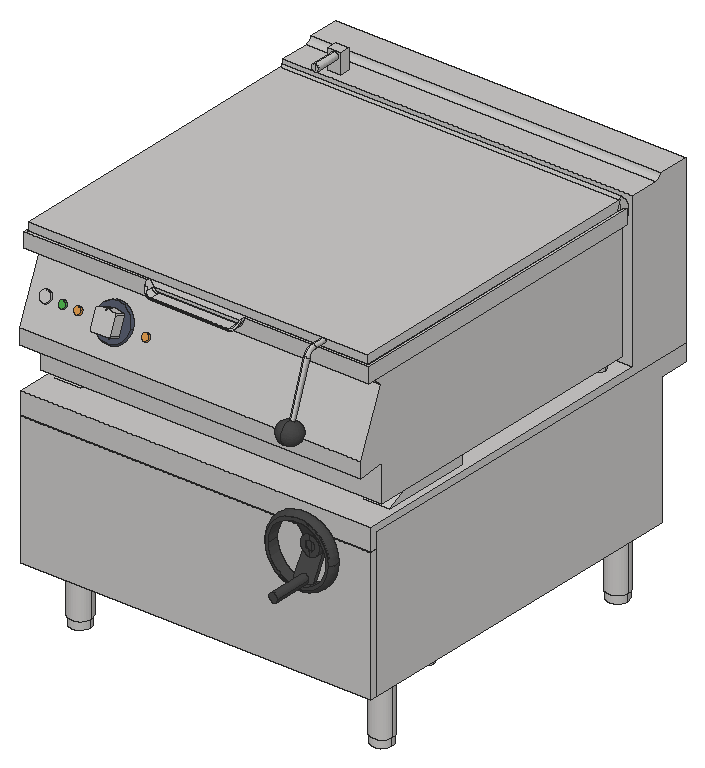
Revit family "QF_ZANUSSI_392136_Z9BRGHDOF0", category Specialty Equipment, Revit 2018
Family settings
  Round Connector Dimension = Use Diameter
  Part Type = Normal
  Work Plane-Based = No
  Always vertical = Yes
  Cut with Voids When Loaded = No
  Shared = No
  Room Calculation Point = No
Parameters
  Width = 800 mm  # constant formula
  Weight in Pounds = 150  # constant formula
  Weight = 0.00 kg
  Watts = 250 VA  # 250 W
  Volts = 230 V  # constant formula
  URL Manufacturer = "http://www.zanussiprofessional.com"
  URL Cutsheet = "www.electrolux.com"
  URL = "http://www.zanussiprofessional.com"
  Type Mark [instance] = ""
  Steam Supply Size = 0"
  Steam Supply Minimum Pressure = 0.00 psi
  Steam Supply Maximum Pressure = 0.00 psi
  Steam Pounds per Hour = 0
  Status [instance] = ""
  Specification by User [instance] = ""
  Specification by Manufacturer = ""
  Show Logo [instance] = yes
  Show Clearance [instance] = yes
  Serial Number = ""
  Seismic Rating = ""
  SMACNA No = ""
  Revision Code [instance] = ""
  Refrigeration Suction Line Size = 0"
  Refrigeration Liquid Line Size = 0"
  Refrigerant Compressor Remote = yes
  Plumbing Remarks [instance] = ""
  Plumbing Connection Type [instance] = ""
  Phase = 1
  Omniclass Number and Title = ""
  Number of Poles [instance] = 1
  NAFEM Spec ID Number = ""
  Model = "Z9BRGHDOF0"
  Min Ckt Ampacity = 0 A
  Mechanical Remarks [instance] = ""
  Mechanical Connection Type [instance] = ""
  Max Overcurrent Protection = 0 A
  Masterspec = ""
  Manufacturer = "Zanussi"
  Length Actual = 800 mm  # constant formula
  Item Number [instance] = "392136"
  Installed By [instance] = ""
  Identify Quantity as Lot [instance] = yes
  Hot Water Size = 0"
  Height Actual = 850 mm  # constant formula
  Height = 850 mm  # constant formula
  HP = "0.1 HP"
  Gas Size = 12.7 mm  # 1/2"
  Gas RI Height [instance] = 0 mm
  Gas KW = 21  # constant formula
  Gas Input = 20980.7 VA  # 71589.0 Btu/h
  Gas Connection Height [instance] = 0 mm
  Furnished By [instance] = ""
  Foodservice Equipment Identifier [instance] = yes
  FL Amps = if(Phase = 3, Watts / (Volts * 1.73), Watts / Volts)  # 1.08696 A
  Electrical Remarks [instance] = "230 V/1N ph/50/60 Hz"  # constant formula
  Electric Connection Type [instance] = ""
  Elec Conn RI Height [instance] = 0 mm
  Elec Conn Connection Height [instance] = 0 mm
  Direct Waste Size = 0"
  Description = "80LT GAS BRAISING PAN-DUOMAT BOTTOM"
  Depth Actual = 900 mm  # constant formula
  Depth = 915 mm  # constant formula
  Cycle [instance] = if([60 Hertz Option], 60 Hz, 50 Hz)  # 60 Hz
  Conn Plug = ""
  Conn Conduit = yes
  Condensate Return Size = 0"
  Compressed Air Volume = 0 GPM
  Compressed Air Size = 0"
  Compressed Air Pressure = 0.00 psi
  Cold Water Temperature Recommended [instance] = -459.67 °F
  Cold Water Size = 3/4"
  Cold Water RI Height [instance] = 0 mm
  Cold Water Minimum Pressure = 0.00 psi
  Cold Water Maximum Pressure = 0.00 psi
  Cold Water Flow [instance] = 0 GPM
  Cold Water Consumption = ""
  Cold Water Connection Height = 0 mm
  CSI MasterFormat = ""
  CSI Master Format = ""
  Assembly Code = ""
  Apparent Power = if(Phase = 3, Volts * FL Amps * 1.73, Volts * FL Amps)  # 250 VA
  Accessory = yes
  60 Hertz Option [instance] = not([50 Hertz Option])  # yes
  50 Hertz Option [instance] = no
Reference planes
  plane 1 "BACK": y = 0
  plane 2: z = 0
  plane 3 "LEFT": x = 0
  plane 4 "RIGHT": x = 800
  plane 5 "FRONT": y = -915
  plane 6 "TOP": z = 898
  plane 7 "Center Y": x = 400
  plane 8 "Center X": y = -457.5
  plane 9 "Base": z = 149
  plane 10: z = 502.193
  plane 11: z = 1653
  plane 12: y = -125
  plane 13: y = -799
  plane 14: y = -1034
  plane 15: x = 55
  plane 16: y = -160.853
  plane 17: x = 745
  plane 18: y = -1014
  plane 19: y = -899.182
  plane 20: x = 786
  plane 21: z = 850
  plane 22 "Connection": z = 182
  plane 23: y = -706
  plane 24: x = 265
  plane 25: x = 105
  plane 26: x = 195
Forms (mm)
  Revolve 1, solid, material "QF_Finishes_Stainless Steel"
    sketch origin (0, -125, 0) x (1, 0, 0) y (0, 0, 1)
      loop
        line (55, 0) -> (55, 149) -> (29.6, 149) -> (29.6, 19.05) -> (32.1, 19.05) -> (32.1, 0) -> (55, 0)
      axis (55, 0) -> (55, 149)
    angle from 0 to 360
  Revolve 2, solid, material "QF_Finishes_Stainless Steel"
    sketch origin (0, -799, 0) x (1, 0, 0) y (0, 0, 1)
      loop
        line (55, 0) -> (55, 149) -> (29.6, 149) -> (29.6, 19.05) -> (32.1, 19.05) -> (32.1, 0) -> (55, 0)
      axis (55, 0) -> (55, 149)
    angle from 0 to 360
  Extrusion 3, solid, material "QF_Finishes_Stainless Steel"
    sketch origin (0, -214.682, 0) x (0, 1, 0) y (0, 0, 1)
      loop
        line (214.682, 487.193) -> (214.682, 866.248) -> (143.055, 866.248)
        arc (143.055, 866.248) -> (139.432, 857.502) -> (130.686, 853.88) r 12.368
        line (130.686, 853.88) -> (64.682, 853.88) -> (64.682, 502.193) -> (-684.5, 502.193) -> (-684.5, 452.193) -> (-669.5, 452.193) -> (-669.5, 487.193) -> (214.682, 487.193)
      loop
        line (-669.5, 149) -> (-669.5, 451.193) -> (-684.5, 451.193) -> (-684.5, 149) -> (-669.5, 149)
    from 0 to 800
  Extrusion 4, solid, material "QF_Finishes_Stainless Steel"
    sketch origin (0, -214.682, 0) x (0, 1, 0) y (0, 0, 1)
      loop
        line (44.029, 528.406) -> (44.029, 817.127) -> (-678.5, 817.127) -> (-678.5, 809.681) -> (-643.264, 774.446) -> (-700.318, 641.094) -> (-700.318, 606.094) -> (-640.765, 613.406) -> (-640.765, 528.406) -> (44.029, 528.406)
    from 10 to 790
  Sweep 5, solid, material "QF_Finishes_Stainless Steel"
    path origin (0, -204.882, 145) x (-1, 0, 0) y (0, -1, 0)
      loop
        line (-290, 694.3) -> (-5, 694.3) -> (-5, -44.029) -> (-795, -44.029) -> (-795, 694.3) -> (-510, 694.3)
    profile origin (652.5, -899.182, 145) x (0, -1, 0) y (0, 0, 1)
      loop
        line (-5, 651.359) -> (0, 651.359) -> (0, 685.301) -> (-6, 685.301) -> (-6, 681.062) -> (-5, 681.062) -> (-5, 651.359)
  Extrusion 6, solid, material "QF_Finishes_Stainless Steel"
    sketch origin (0, -214.682, -5) x (0, 1, 0) y (0, 0, 1)
      loop
        line (33.715, 835.301) -> (42.572, 855) -> (-677.138, 855) -> (-677.138, 835.301) -> (33.715, 835.301)
      loop
        arc (64.305, 837.022) -> (57.071, 850.749) -> (45.92, 861.539) r 49.182
        line (45.92, 861.539) -> (39.069, 846.301) -> (45.904, 846.301) -> (45.904, 832.604) -> (64.305, 814.204) -> (64.305, 837.022)
    from 12.363 to 787.637
  Extrusion 7, solid, material "QF_Finishes_Stainless Steel"
    sketch origin (0, -214.682, 0) x (0, 1, 0) y (0, 0, 1)
      loop
        line (-403.818, 528.406) -> (-556.057, 528.406) -> (-609.801, 502.193) -> (-403.818, 502.193) -> (-403.818, 528.406)
    from 16.63 to 76.513
  Extrusion 8, solid, material "QF_Finishes_Stainless Steel"
    sketch origin (0, -207.182, 150) x (-1, 0, 0) y (0, -1, 0)
      loop
        circle (-46.571, -17.496) r 15
      loop
        circle (-753.429, -17.496) r 15
    from 352.193 to 383.406
  Extrusion 9, solid, material "QF_Finishes_Stainless Steel"
    sketch origin (0, -64.682, 0) x (0, 1, 0) y (0, 0, 1)
      loop
        line (-43.387, 853.88) -> (-43.387, 898) -> (-67.444, 898) -> (-67.444, 853.88) -> (-43.387, 853.88)
    from 87.469 to 116.843
  Revolve 10, solid, material "QF_Finishes_Stainless Steel"
    sketch origin (103.25, -64.682, 0) x (0, 1, 0) y (0, 0, 1)
      loop
        line (-67.444, 888.097) -> (-67.444, 896.222) -> (-123.629, 896.222) -> (-123.629, 888.097) -> (-67.444, 888.097)
      axis (-123.629, 888.097) -> (-67.444, 888.097)
    angle from 0 to 360
  Extrusion 11, solid, material "QF_Clearances", visible <- "Show Clearance", detail levels coarse
    sketch origin (0, -214.682, 0) x (1, 0, 0) y (0, 1, 0)
      loop
        line (800, 214.682) -> (800, -700.318) -> (850, -700.318) -> (850, 264.682) -> (-50, 264.682) -> (-50, -700.318) -> (0, -700.318) -> (0, 214.682) -> (800, 214.682)
    from 0 to 898
  Extrusion 12, solid, material "QF_Finishes_Stainless Steel"
    sketch origin (800, 0, 0) x (0, 1, 0) y (0, 0, 1)
      loop
        line (-884.182, 149) -> (-69, 149) -> (-69, 448) -> (0, 448) -> (0, 487.193) -> (-884.182, 487.193) -> (-884.182, 149)
    from 0 to -800
  Revolve 13, solid, material "QF_Finishes_Stainless Steel"
    sketch origin (1000, -125, 0) x (-1, 0, 0) y (0, 0, -1)
      loop
        line (255, 0) -> (232.1, 0) -> (232.1, -19.05) -> (229.6, -19.05) -> (229.6, -149) -> (255, -149) -> (255, 0)
      axis (255, 0) -> (255, -149)
    angle from 0 to 360
  Revolve 14, solid, material "QF_Finishes_Stainless Steel"
    sketch origin (1000, -799, 0) x (-1, 0, 0) y (0, 0, -1)
      loop
        line (255, 0) -> (232.1, 0) -> (232.1, -19.05) -> (229.6, -19.05) -> (229.6, -149) -> (255, -149) -> (255, 0)
      axis (255, 0) -> (255, -149)
    angle from 0 to 360
  Sweep 15, solid, material "QF_Finishes_Stainless Steel"
    path origin (8.84, -214.682, -10) x (0, 1, 0) y (0, 0, 1)
      loop
        line (-677.138, 852.831) -> (-705.492, 852.831)
        arc (-705.492, 852.831) -> (-716.963, 849.214) -> (-724.286, 839.672) r 20
        line (-724.286, 839.672) -> (-765.322, 726.924)
    profile origin (8.84, -905.997, 842.831) x (0, 0, -1) y (1, 0, 0)
      loop
        circle (0, 676.16) r 5
  Revolve 16, solid, material "QF_Finishes_Black"
    sketch origin (685, -194.682, 0) x (0, 1, 0) y (0, 0, 1)
      loop
        line (-785.322, 716.924) -> (-792.738, 719.623)
        arc (-792.738, 719.623) -> (-818.978, 701.075) -> (-800.713, 674.638) r 22.845
        line (-800.713, 674.638) -> (-785.322, 716.924)
      axis (-785.322, 716.924) -> (-800.713, 674.638)
    angle from 0 to 360
  Extrusion 17, solid, material "QF_Finishes_Stainless Steel"
    sketch origin (800, -69, 149) x (-1, 0, 0) y (0, 1, 0)
      loop
        circle (14, -649.182) r 12.7
    from 0 to 5
  Extrusion 18, solid, material "QF_Finishes_Stainless Steel"
    sketch origin (-3.75, -899.182, 149) x (0, 0, 1) y (-1, 0, 0)
      loop
        circle (289.443, -688.75) r 30
    from 0 to 5
  Extrusion 19, solid, material "QF_Finishes_Stainless Steel"
    sketch origin (800, -214.682, 0) x (0, 1, 0) y (0, 0, -1)
      loop
        line (-403.818, -528.406) -> (-403.818, -502.193) -> (-609.801, -502.193) -> (-556.057, -528.406) -> (-403.818, -528.406)
    from 16.63 to 76.513
  Extrusion 20, solid, material "QF_Finishes_Stainless Steel"
    sketch origin (0, 0, 182) x (-1, 0, 0) y (0, -1, 0)
      loop
        circle (-105, 706) r 6.35
    from 0 to 45
  Extrusion 21, solid, material "QF_Finishes_Stainless Steel"
    sketch origin (21.213, 21.213, 182) x (-1, 0, 0) y (0, -1, 0)
      loop
        circle (-173.787, 719.213) r 6.35
    from 0 to 45
  Extrusion 22, solid, material "QF_Finishes_Stainless Steel"
    sketch origin (130, 0, 182) x (-1, 0, 0) y (0, -1, 0)
      loop
        circle (-135, 706) r 6.35
    from 0 to 45
  Revolve 23, solid, material "QF_Finishes_Black"
    sketch origin (685, -200.682, -28.57) x (0, 1, 0) y (0, 0, 1)
      loop
        line (-698.5, 467.193) -> (-698.5, 477.193) -> (-713.5, 477.193) -> (-713.5, 482.193) -> (-718.5, 482.193) -> (-718.5, 489.514) -> (-728.5, 489.514) -> (-728.5, 478.353) -> (-727.138, 478.353) -> (-727.138, 467.193) -> (-698.5, 467.193)
      axis (-698.5, 467.193) -> (-728.5, 467.193)
    angle from 0 to 360
  Sweep 24, solid, material "QF_Finishes_Black"
    path origin (10, -200.682, -28.57) x (1, 0, 0) y (0, 0, 1)
      loop
        circle (675, 467.193) r 80
    profile origin (685, -200.682, 518.623) x (0, 0, -1) y (0, -1, 0)
      loop
        arc (7.394, 765.784) -> (0.586, 756.102) -> (1.641, 744.313) r 17.21
        line (1.641, 744.313) -> (7.394, 740.784) -> (14.116, 740.784) -> (14.116, 765.784) -> (7.394, 765.784)
  Extrusion 25, solid, material "QF_Finishes_Black"
    sketch origin (10, -200.682, -28.57) x (0, 1, 0) y (0, 0, 1)
      loop
        line (-713.5, 457.193) -> (-713.5, 477.193) -> (-744.313, 533.065) -> (-751.622, 533.065) -> (-719.104, 474.103) -> (-719.104, 460.284) -> (-751.622, 401.321) -> (-744.313, 401.321) -> (-713.5, 457.193)
    from 654.029 to 698.392
  Extrusion 26, solid, material "QF_Finishes_Black"
    sketch origin (10, -200.682, -28.57) x (1, 0, 0) y (0, 0, 1)
      loop
        circle (675, 406.31) r 10
    from 742.86 to 833.318
  Extrusion 27, solid, material "QF_Finishes_Stainless Steel"
    sketch origin (0, -201.682, -15.905) x (1, 0, 0) y (0, 0, 1)
      loop
        line (509.996, 839.805) -> (509.996, 846.205) -> (502.677, 833.527)
        arc (502.677, 833.527) -> (496.674, 827.524) -> (488.474, 825.327) r 16.4
        line (488.474, 825.327) -> (311.526, 825.327)
        arc (311.526, 825.327) -> (303.32, 827.526) -> (297.312, 833.534) r 16.413
        line (297.312, 833.534) -> (289.996, 846.205) -> (289.996, 839.805) -> (294.541, 831.934)
        arc (294.541, 831.934) -> (301.72, 824.755) -> (311.526, 822.127) r 19.613
        line (311.526, 822.127) -> (488.474, 822.127)
        arc (488.474, 822.127) -> (498.274, 824.753) -> (505.448, 831.927) r 19.6
        line (505.448, 831.927) -> (509.996, 839.805)
    from 697.5 to 717.595
  Extrusion 28, void
    sketch origin (900, 188.397, 1219.2) x (0, -1, 0) y (0, 0, 1)
      loop
        line (1110.167, -415.736) -> (1110.167, -387.945) -> (1093.05, -387.945) -> (1110.167, -415.736)
    from 390 to 610
  Extrusion 29, solid, material "QF_Finishes_Orange"
    sketch origin (9.372, -901.482, 672.689) x (0, 0.393353, 0.919387) y (-1, 0, 0)
      loop
        circle (34.513, -113.251) r 8
    from 0 to 3.175
  Extrusion 30, solid, material "QF_Finishes_Green"
    sketch origin (14.068, -901.51, 672.624) x (0, 0.393353, 0.919387) y (-1, 0, 0)
      loop
        circle (34.513, -73.251) r 8
    from 0 to 3.175
  Extrusion 31, solid, material "QF_Finishes_Stainless Steel"
    sketch origin (10.937, -915, 641.094) x (0, 0.393353, 0.919387) y (-1, 0, 0)
      loop
        circle (71.473, -36.635) r 12.7
    from 0 to 3.2
  Extrusion 32, solid, material "QF_Finishes_Orange"
    sketch origin (164.372, -901.482, 672.689) x (0, 0.393353, 0.919387) y (-1, 0, 0)
      loop
        circle (34.513, -113.251) r 8
    from 0 to 3.175
  Extrusion 33, solid, material "QF_Clearances", visible <- "Show Clearance", detail levels coarse
    sketch origin (0, -996.643, 709.193) x (0, 0.238373, -0.971174) y (0, 0.971174, 0.238373)
      loop
        line (33.715, 835.301) -> (42.572, 855) -> (-677.138, 855) -> (-677.138, 835.301) -> (33.715, 835.301)
      loop
        arc (64.305, 837.022) -> (57.071, 850.749) -> (45.92, 861.539) r 49.182
        line (45.92, 861.539) -> (39.069, 846.301) -> (45.904, 846.301) -> (45.904, 832.604) -> (64.305, 814.204) -> (64.305, 837.022)
    from 12.363 to 787.637
  Sweep 34, solid, material "QF_Clearances", visible <- "Show Clearance", detail levels coarse
    path origin (8.84, -1001.499, 708.002) x (0, 0.238373, -0.971174) y (0, 0.971174, 0.238373)
      loop
        line (-677.138, 852.831) -> (-705.492, 852.831)
        arc (-705.492, 852.831) -> (-716.963, 849.214) -> (-724.286, 839.672) r 20
        line (-724.286, 839.672) -> (-765.322, 726.924)
    profile origin (8.84, -338.043, 1582.68) x (0, -0.971174, -0.238373) y (1, 0, 0)
      loop
        circle (0, 676.16) r 5
  Revolve 35, solid, material "QF_Clearances", visible <- "Show Clearance", detail levels coarse
    sketch origin (685, -987.02, 690.962) x (0, 0.238373, -0.971174) y (0, 0.971174, 0.238373)
      loop
        line (-785.322, 716.924) -> (-792.738, 719.623)
        arc (-792.738, 719.623) -> (-818.978, 701.075) -> (-800.713, 674.638) r 22.845
        line (-800.713, 674.638) -> (-785.322, 716.924)
      axis (-785.322, 716.924) -> (-800.713, 674.638)
    angle from 0 to 360
  Extrusion 36, solid, material "QF_Finishes_Stainless Steel"
    sketch origin (290, -899.182, 830.301) x (-1, 0, 0) y (0, 0, -1)
      loop
        line (0.004, 33.941) -> (-220, 33.941) -> (-220, -0.006) -> (-212.677, 12.678)
        arc (-212.677, 12.678) -> (-206.674, 18.681) -> (-198.474, 20.878) r 16.4
        line (-198.474, 20.878) -> (-21.526, 20.878)
        arc (-21.526, 20.878) -> (-13.32, 18.679) -> (-7.312, 12.672) r 16.413
        line (-7.312, 12.672) -> (0.004, 0) -> (0.004, 33.941)
    from 0 to -6
  Extrusion 37, solid, material "QF_Plastic-Black-Matte"
    sketch origin (145.417, -886.473, 707.77) x (0, 0.393353, 0.919387) y (0, 0.919387, -0.393353)
      loop
        line (26.984, -34) -> (23.984, -34) -> (23.984, -35) -> (26.984, -35)
        arc (26.984, -35) -> (27.691, -34.707) -> (27.984, -34) r 1
        line (27.984, -34) -> (27.984, -19) -> (26.984, -19) -> (26.984, -34)
    from -58.5 to -56.5
  Extrusion 38, solid, material "QF_Finishes_Stainless Steel"
    sketch origin (202.917, -886.473, 707.77) x (-1, 0, 0) y (0, -0.393353, -0.919387)
      loop
        line (17.5, -17.5) -> (17.5, 17.5) -> (-17.5, 17.5) -> (-17.5, -17.5) -> (17.5, -17.5)
    from 5 to 10
  Extrusion 39, solid, material "QF_Finishes_Stainless Steel"
    sketch origin (202.917, -886.473, 707.77) x (-1, 0, 0) y (0, -0.393353, -0.919387)
      loop
        arc (-21.147, -22.789) -> (0, -26.984) -> (21.147, -22.789) r 55.4
        arc (21.147, -22.789) -> (22.494, -21.685) -> (23, -20.019) r 2.997
        line (23, -20.019) -> (23, 20.019)
        arc (23, 20.019) -> (22.122, 22.138) -> (20.003, 23.016) r 2.997
        line (20.003, 23.016) -> (-20.003, 23.016)
        arc (-20.003, 23.016) -> (-22.122, 22.138) -> (-23, 20.019) r 2.997
        line (-23, 20.019) -> (-23, -20.019)
        arc (-23, -20.019) -> (-22.494, -21.685) -> (-21.147, -22.789) r 2.997
    from 10 to 34
  Blend 40, solid, material "QF_Finishes_Navy Blue"
    base sketch origin (202.917, -886.473, 707.77) x (1, 0, 0) y (0, 0.393353, 0.919387)
      loop
        circle (0, 0) r 42.5
    top sketch origin (202.917, -886.473, 707.77) x (1, 0, 0) y (0, 0.393353, 0.919387)
      loop
        circle (0, 0) r 40.5
    from 0 to 5
Cuts and joins
  Extrusion 28 cuts Extrusion 27
  joined: Sweep 5, Extrusion 27, Extrusion 36
Lines and regions (mm)
  Split face 1
    outline origin (202.917, -891.07, 709.737) x (1, 0, 0) y (0, 0.393353, 0.919387)
      loop
        arc (-0.521, 36.501) -> (-26.491, 26.394) -> (-37.708, 0.884) r 36.411
        line (-37.708, 0.884) -> (-31.708, 0.884)
        arc (-31.708, 0.884) -> (-21.998, 23.844) -> (-0.521, 36.501) r 39.733
  Split face 2
    outline origin (202.917, -891.07, 709.737) x (1, 0, 0) y (0, 0.393353, 0.919387)
      loop
        circle (-30.633, -14.752) r 1.5
  Split face 3
    outline origin (202.917, -891.07, 709.737) x (1, 0, 0) y (0, 0.393353, 0.919387)
      loop
        circle (-21.199, -26.582) r 1.5
  Split face 4
    outline origin (202.917, -891.07, 709.737) x (1, 0, 0) y (0, 0.393353, 0.919387)
      loop
        circle (-7.566, -33.148) r 1.5
  Split face 5
    outline origin (202.917, -891.07, 709.737) x (1, 0, 0) y (0, 0.393353, 0.919387)
      loop
        circle (7.566, -33.148) r 1.5
  Split face 6
    outline origin (202.917, -891.07, 709.737) x (1, 0, 0) y (0, 0.393353, 0.919387)
      loop
        circle (21.199, -26.582) r 1.5
  Split face 7
    outline origin (202.917, -891.07, 709.737) x (1, 0, 0) y (0, 0.393353, 0.919387)
      loop
        circle (30.633, -14.752) r 1.5
  Split face 8
    outline origin (202.917, -891.07, 709.737) x (1, 0, 0) y (0, 0.393353, 0.919387)
      loop
        circle (34, 0) r 1.5
  Split face 9
    outline origin (202.917, -891.07, 709.737) x (1, 0, 0) y (0, -0.393353, -0.919387)
      loop
        circle (30.633, -14.752) r 1.5
  Split face 10
    outline origin (202.917, -891.07, 709.737) x (1, 0, 0) y (0, -0.393353, -0.919387)
      loop
        circle (21.199, -26.582) r 1.5
  symbolic lines
    curve 1: line (10, -915, 149) -> (179.917, -915, 149)
    curve 2: line (0, -899.182, 149) -> (280.622, -899.182, 149)
    curve 3: line (5, -160.853, 149) -> (5, -899.182, 149)
    curve 4: line (0, 0, 149) -> (0, -899.182, 149)
    curve 5: line (800, -899.182, 149) -> (800, 0, 149)
    curve 6: line (5, -160.853, 149) -> (95.125, -160.853, 149)
    curve 7: line (789, -171.653, 149) -> (111.375, -171.653, 149)
    curve 8: line (0, -71.628, 149) -> (800, -71.628, 149)
    curve 9: line (111.375, -160.853, 149) -> (795, -160.853, 149)
    curve 10: line (95.125, -172.111, 149) -> (12.363, -172.111, 149)
    curve 11: line (90.942, -172.111, 149) -> (90.942, -192.672, 149)
    curve 12: line (117.192, -171.653, 149) -> (117.192, -192.672, 149)
    curve 13: arc (90.942, -192.672, 149) -> (104.067, -205.797, 149) -> (117.192, -192.672, 149) r 13.125
    curve 14: line (504.543, -915, 149) -> (680, -915, 149)
    curve 15: line (12.363, -891.82, 149) -> (787.637, -891.82, 149)
    curve 16: line (0, 0, 149) -> (800, 0, 149)
    curve 20: line (680, -980.005, 149) -> (680, -891.82, 149)
    curve 21: line (690, -980.005, 149) -> (690, -891.82, 149)
    curve 22: spline (685, -987.42, 149) -> (686.603, -987.265, 149) -> (688.14, -986.808, 149) -> (689.545, -986.066, 149) -> (690.761, -985.072, 149) -> (691.737, -983.866, 149) -> (692.431, -982.499, 149) -> (692.815, -981.028, 149) -> (692.874, -979.515, 149) -> (692.604, -978.022, 149) -> (692.016, -976.611, 149) -> (691.136, -975.342, 149) -> (690, -974.268, 149)
    curve 23: spline (690, -980.005, 149) -> (689.957, -980.618, 149) -> (689.83, -981.221, 149) -> (689.619, -981.803, 149) -> (689.33, -982.354, 149) -> (688.967, -982.865, 149) -> (688.536, -983.327, 149) -> (688.044, -983.732, 149) -> (687.5, -984.074, 149) -> (686.913, -984.345, 149) -> (686.294, -984.543, 149) -> (685.653, -984.663, 149) -> (685, -984.703, 149)
    curve 24: spline (685, -984.703, 149) -> (684.347, -984.663, 149) -> (683.706, -984.543, 149) -> (683.087, -984.345, 149) -> (682.5, -984.074, 149) -> (681.956, -983.732, 149) -> (681.464, -983.327, 149) -> (681.033, -982.865, 149) -> (680.67, -982.354, 149) -> (680.381, -981.803, 149) -> (680.17, -981.221, 149) -> (680.043, -980.618, 149) -> (680, -980.005, 149)
    curve 25: spline (680, -974.268, 149) -> (678.864, -975.342, 149) -> (677.984, -976.611, 149) -> (677.396, -978.022, 149) -> (677.126, -979.515, 149) -> (677.185, -981.028, 149) -> (677.569, -982.499, 149) -> (678.263, -983.866, 149) -> (679.239, -985.072, 149) -> (680.455, -986.066, 149) -> (681.86, -986.808, 149) -> (683.397, -987.265, 149) -> (685, -987.42, 149)
    curve 26: line (95.125, -188.311, 149) -> (111.375, -188.311, 149)
    curve 27: line (95.125, -132.127, 149) -> (95.125, -188.311, 149)
    curve 28: line (111.375, -188.311, 149) -> (111.375, -132.127, 149)
    curve 29: line (87.469, -132.127, 149) -> (116.843, -132.127, 149)
    curve 30: line (87.469, -108.069, 149) -> (87.469, -132.127, 149)
    curve 31: line (116.843, -108.069, 149) -> (87.469, -108.069, 149)
    curve 32: line (116.843, -132.127, 149) -> (116.843, -108.069, 149)
    curve 33: arc (680, -961.314, 149) -> (685, -1014, 149) -> (690, -961.314, 149) r 26.58
    curve 34: line (695, -1034, 182) -> (695, -1012.047, 182)
    curve 35: line (675, -1034, 182) -> (675, -1012.047, 182)
    curve 36: line (675, -1034, 182) -> (695, -1034, 182)
    curve 37: line (757.606, -966.466, 182) -> (701.354, -966.466, 182)
    curve 38: line (612.394, -941.466, 182) -> (680, -941.466, 182)
    curve 39: line (606.641, -944.996, 182) -> (680, -944.996, 182)
    curve 40: arc (763.359, -944.996, 182) -> (764.431, -956.789, 182) -> (757.606, -966.466, 182) r 17.151
    curve 41: line (757.606, -941.466, 182) -> (763.359, -944.996, 182)
    curve 42: line (708.392, -915, 182) -> (708.392, -941.466, 182)
    curve 43: line (664.029, -941.466, 182) -> (664.029, -915, 182)
    curve 44: arc (606.641, -944.996, 182) -> (605.569, -956.789, 182) -> (612.394, -966.466, 182) r 17.151
    curve 45: line (612.394, -941.466, 182) -> (606.641, -944.996, 182)
    curve 46: line (690, -944.996, 182) -> (763.359, -944.996, 182)
    curve 47: line (690, -941.466, 182) -> (757.606, -941.466, 182)
    curve 48: line (612.394, -966.466, 182) -> (668.646, -966.466, 182)
    curve 49: line (0, -150, 182) -> (95.125, -150, 182)
    curve 50: line (800, -150, 182) -> (111.375, -150, 182)
    curve 51: line (12.363, -891.82, 149) -> (12.363, -172.111, 149)
    curve 52: line (787.637, -891.82, 149) -> (787.637, -171.653, 149)
    curve 53: line (790, -915, 182) -> (790, -899.182, 182)
    curve 54: line (10, -899.182, 182) -> (10, -915, 182)
    curve 55: line (795, -160.853, 149) -> (795, -899.182, 149)
    curve 56: line (225.917, -915, 149) -> (295.414, -915, 149)
    curve 57: line (519.371, -899.182, 182) -> (505.448, -914.035, 182)
    curve 58: spline (505.442, -914.033, 182) -> (504.902, -914.595, 182) -> (504.301, -915.14, 182) -> (503.641, -915.666, 182) -> (502.924, -916.17, 182) -> (502.153, -916.653, 182) -> (501.331, -917.111, 182) -> (500.459, -917.544, 182) -> (499.542, -917.95, 182) -> (498.582, -918.327, 182) -> (497.581, -918.675, 182) -> (496.544, -918.992, 182) -> (495.475, -919.277, 182)
    curve 59: line (304.523, -919.277, 182) -> (495.475, -919.277, 182)
    curve 60: line (294.541, -914.031, 182) -> (280.622, -899.182, 182)
    curve 61: spline (304.523, -919.277, 182) -> (303.452, -918.992, 182) -> (302.414, -918.675, 182) -> (301.413, -918.327, 182) -> (300.452, -917.949, 182) -> (299.534, -917.543, 182) -> (298.662, -917.11, 182) -> (297.838, -916.651, 182) -> (297.067, -916.168, 182) -> (296.35, -915.663, 182) -> (295.689, -915.137, 182) -> (295.087, -914.592, 182) -> (294.547, -914.029, 182)
    curve 62: line (519.371, -899.182, 149) -> (680, -899.182, 149)
    curve 63: line (690, -899.182, 149) -> (800, -899.182, 149)
    curve 64: line (690, -915, 149) -> (790, -915, 149)
    curve 65: line (179.917, -899.196, 0) -> (179.917, -925.453, 0)
    curve 66: arc (179.917, -925.453, 0) -> (180.063, -925.917, 0) -> (180.449, -926.213, 0) r 0.809
    curve 67: arc (180.449, -926.213, 0) -> (181.637, -926.693, 0) -> (182.915, -926.786, 0) r 4.127
    curve 68: arc (179.917, -910.086, 0) -> (180.419, -909.365, 0) -> (181.217, -908.995, 0) r 1.682
    curve 69: arc (181.217, -908.995, 0) -> (191.519, -907.497, 0) -> (201.917, -906.988, 0) r 109.079
    curve 70: line (201.917, -899.182, 0) -> (201.917, -909.218, 0)
    curve 71: line (201.917, -909.218, 0) -> (203.917, -909.218, 0)
    curve 72: line (203.917, -909.218, 0) -> (203.917, -899.218, 0)
    curve 73: line (225.917, -899.182, 0) -> (225.917, -925.453, 0)
    curve 74: arc (225.917, -925.453, 0) -> (225.771, -925.917, 0) -> (225.385, -926.213, 0) r 0.809
    curve 75: arc (225.385, -926.213, 0) -> (224.197, -926.693, 0) -> (222.92, -926.786, 0) r 4.127
    curve 76: arc (225.917, -910.086, 0) -> (225.415, -909.365, 0) -> (224.618, -908.995, 0) r 1.682
    curve 77: arc (224.618, -908.995, 0) -> (214.315, -907.497, 0) -> (203.917, -906.988, 0) r 109.079
    curve 78: line (182.915, -926.786, 0) -> (222.92, -926.786, 0)
    curve 79: spline (225.917, -904.183, 0) -> (227.104, -903.848, 0) -> (228.259, -903.497, 0) -> (229.381, -903.13, 0) -> (230.469, -902.747, 0) -> (231.521, -902.348, 0) -> (232.535, -901.936, 0) -> (233.512, -901.509, 0) -> (234.448, -901.068, 0) -> (235.344, -900.615, 0) -> (236.197, -900.149, 0) -> (237.007, -899.671, 0) -> (237.773, -899.182, 0)
    curve 80: spline (168.061, -899.182, 0) -> (168.827, -899.671, 0) -> (169.637, -900.149, 0) -> (170.491, -900.615, 0) -> (171.386, -901.068, 0) -> (172.323, -901.509, 0) -> (173.299, -901.936, 0) -> (174.314, -902.348, 0) -> (175.366, -902.747, 0) -> (176.453, -903.13, 0) -> (177.576, -903.497, 0) -> (178.731, -903.848, 0) -> (179.917, -904.183, 0)
  symbolic lines, style "QF_Clearances", visible <- "Show Clearance", detail levels coarse
    curve 17: line (-50, 50, 150) -> (-50, -918.182, 150)
    curve 18: line (850, 50, 150) -> (850, -915, 150)
    curve 19: line (850, 50, 150) -> (-50, 50, 150)
Dimensions and locks
  equal spacing: plane 3 "LEFT", plane 7 "Center Y", plane 4 "RIGHT"
  "Width": plane 3 "LEFT" to plane 4 "RIGHT"
  equal spacing: plane 5 "FRONT", plane 8 "Center X", plane 1 "BACK"
  "Depth": plane 5 "FRONT" to plane 1 "BACK"
  "Height": plane 21 to level
  plane 9 "Base" to level = 149 mm
  plane 11 to level = 1653 mm
  plane 11 to plane 2 = 1653 mm
  plane 9 "Base" to plane 2 = 149 mm
  plane 13 to plane 12 = 674 mm
  plane 5 "FRONT" to plane 1 "BACK" = 915 mm
  plane 1 "BACK" to plane 14 = 1034 mm  (x2)
  plane 6 "TOP" to plane 2 = 898 mm
  plane 14 to plane 1 "BACK" = 1034 mm
  plane 4 "RIGHT" to plane 17 to plane 15 to plane 3 "LEFT" = 55 mm, 690 mm, 55 mm
  plane 1 "BACK" to plane 18 = 1014 mm
  Extrusion 12 to plane 1 "BACK" = 69 mm
  Extrusion 6 to plane 9 "Base" = 701 mm
  plane 2 to Extrusion 12 = 448 mm
  Extrusion 3 to plane 13 = 100.182 mm
  plane 12 to Extrusion 12 = 56 mm
  plane 4 "RIGHT" to plane 20 = 14 mm
  plane 21 to plane 9 "Base" to level = 701 mm, 149 mm
  plane 1 "BACK" to Extrusion 12 = 69 mm
  Extrusion 12 to plane 12 = 56 mm
  plane 12 to plane 13 = 674 mm
  plane 13 to Extrusion 3 = 100.182 mm
  Extrusion 12 to level = 448 mm
  plane 6 "TOP" to level = 898 mm
  plane 22 "Connection" to level = 182 mm
  plane 1 "BACK" to plane 23 = 706 mm
  plane 3 "LEFT" to Extrusion 20 sketch curve = 105 mm
  Extrusion 21 sketch curve to plane 1 "BACK" = 698 mm
  plane 3 "LEFT" to Extrusion 21 sketch curve = 195 mm
  Extrusion 21 to plane 1 "BACK" = 698 mm
  plane 3 "LEFT" to Extrusion 22 sketch curve = 265 mm
  plane 3 "LEFT" to plane 25 = 105 mm
  plane 3 "LEFT" to plane 26 = 195 mm
  plane 3 "LEFT" to plane 24 = 265 mm
  Extrusion 3 to Extrusion 17 = 181 mm
  Extrusion 17 to Extrusion 3 = 181 mm
  aligned and locked: level to plane 2
  aligned and locked: Extrusion 12 to plane 3 "LEFT"
Automatic sketch dimensions
  plane 5 "FRONT" to curve 18 = 0 mm
  plane 4 "RIGHT" to curve 18 = 50 mm
  plane 5 "FRONT" to curve 17 = 3.182 mm
  curve 17 to plane 3 "LEFT" = 50 mm
  curve 17 to plane 1 "BACK" = 50 mm
  Revolve 1 sketch curve to plane 9 "Base" = 0 mm  (x2)
  Revolve 1 sketch curve to level = 0 mm
  Revolve 1 sketch curve to plane 15 = 0 mm  (x2)
  Revolve 1 sketch curve to Revolve 1 sketch curve = 22.9 mm
  Revolve 1 sketch curve to Revolve 1 sketch curve = 2.5 mm
  level to Revolve 1 sketch curve = 19.05 mm
  Revolve 1 sketch curve to plane 22 "Connection" = 13 mm
  Revolve 2 sketch curve to plane 9 "Base" = 0 mm  (x2)
  Revolve 2 sketch curve to level = 0 mm
  Revolve 2 sketch curve to plane 15 = 0 mm  (x2)
  Revolve 2 sketch curve to Revolve 2 sketch curve = 22.9 mm
  Revolve 2 sketch curve to Revolve 2 sketch curve = 2.5 mm
  level to Revolve 2 sketch curve = 19.05 mm
  Revolve 2 sketch curve to plane 22 "Connection" = 13 mm
  Extrusion 3 sketch curve to plane 10 = 0 mm
  Extrusion 3 sketch curve to plane 9 "Base" = 0 mm
  Extrusion 3 sketch curve to plane 1 "BACK" = 0 mm
  plane 21 to Extrusion 3 sketch curve = 16.248 mm
  plane 12 to Extrusion 3 sketch curve = 53.372 mm
  Extrusion 3 sketch curve to Extrusion 3 sketch curve = 12.368 mm
  Extrusion 3 sketch curve to plane 12 = 25 mm
  Extrusion 3 sketch curve to plane 5 "FRONT" = 30.818 mm  (x2)
  Extrusion 3 sketch curve to plane 10 = 15 mm
  Extrusion 3 sketch curve to Extrusion 3 sketch curve = 15 mm
  Extrusion 3 sketch curve to plane 5 "FRONT" = 15.818 mm
  Extrusion 3 sketch curve to Extrusion 3 sketch curve = 36 mm
  Extrusion 3 sketch curve to Extrusion 3 sketch curve = 1 mm
  Extrusion 4 sketch curve to plane 5 "FRONT" = 0 mm
  Extrusion 4 sketch curve to plane 5 "FRONT" = 21.818 mm
  Extrusion 4 sketch curve to Extrusion 4 sketch curve = 35.236 mm
  plane 10 to Extrusion 4 sketch curve = 26.213 mm
  Extrusion 4 sketch curve to plane 13 = 56.447 mm
  Extrusion 4 sketch curve to plane 12 = 45.653 mm
  Extrusion 4 sketch curve to Extrusion 4 sketch curve = 77.688 mm
  Extrusion 4 sketch curve to Extrusion 4 sketch curve = 7.312 mm
  Extrusion 4 sketch curve to Extrusion 4 sketch curve = 35 mm
  Extrusion 4 sketch curve to plane 21 = 75.554 mm
  Extrusion 4 sketch curve to plane 21 = 40.319 mm
  Extrusion 4 sketch curve to plane 21 = 32.873 mm
  plane 16 to Sweep 5 sketch curve = 0 mm
  Sweep 5 sketch curve to plane 4 "RIGHT" = 5 mm
  Sweep 5 sketch curve to plane 5 "FRONT" = 15.818 mm  (x2)
  plane 7 "Center Y" to Sweep 5 sketch curve = 110 mm
  Sweep 5 sketch curve to plane 24 = 25 mm
  plane 3 "LEFT" to Sweep 5 sketch curve = 5 mm
  Sweep 5 sketch curve to profile plane = 0 mm
  profile plane to Sweep 5 sketch curve = 5 mm
  Sweep 5 sketch curve to Sweep 5 sketch curve = 1 mm
  profile plane to Sweep 5 sketch curve = 651.359 mm
  Sweep 5 sketch curve to Sweep 5 sketch curve = 29.703 mm
  Sweep 5 sketch curve to Sweep 5 sketch curve = 4.238 mm
  Extrusion 6 sketch curve to plane 21 = 0 mm
  Extrusion 6 sketch curve to plane 5 "FRONT" = 23.18 mm
  Extrusion 6 sketch curve to plane 21 = 33.757 mm
  Extrusion 6 sketch curve to plane 12 = 71.96 mm
  Extrusion 6 sketch curve to plane 21 = 19.699 mm
  Extrusion 6 sketch curve to Extrusion 6 sketch curve = 15.993 mm
  Extrusion 6 sketch curve to plane 21 = 8.699 mm
  Extrusion 6 sketch curve to Extrusion 6 sketch curve = 5.354 mm
  Extrusion 6 sketch curve to Extrusion 6 sketch curve = 3.503 mm
  Extrusion 6 sketch curve to Extrusion 6 sketch curve = 12.189 mm
  Extrusion 6 sketch curve to Extrusion 6 sketch curve = 3.348 mm
  Extrusion 6 sketch curve to Extrusion 6 sketch curve = 18.4 mm
  Extrusion 6 sketch curve to Extrusion 6 sketch curve = 32.097 mm
  Extrusion 6 sketch curve to Extrusion 6 sketch curve = 2.697 mm
  Extrusion 6 sketch curve to plane 21 = 17.978 mm
  Extrusion 7 sketch curve to plane 10 = 0 mm
  Extrusion 7 sketch curve to plane 13 = 25.484 mm
  plane 13 to Extrusion 7 sketch curve = 28.261 mm
  plane 23 to Extrusion 7 sketch curve = 87.5 mm
  plane 10 to Extrusion 7 sketch curve = 26.213 mm
  Extrusion 8 sketch curve to plane 17 = 8.429 mm
  Extrusion 8 sketch curve to plane 15 = 8.429 mm
  Extrusion 8 sketch curve to plane 12 = 64.686 mm  (x2)
  Extrusion 9 sketch curve to plane 6 "TOP" = 0 mm
  Extrusion 9 sketch curve to plane 12 = 7.127 mm
  plane 12 to Extrusion 9 sketch curve = 16.931 mm
  plane 21 to Extrusion 9 sketch curve = 3.88 mm
  Revolve 10 sketch curve to plane 6 "TOP" = 9.903 mm
  Revolve 10 sketch curve to plane 12 = 63.311 mm
  Revolve 10 sketch curve to plane 12 = 7.127 mm
  Revolve 10 sketch curve to Revolve 10 sketch curve = 0 mm  (x2)
  plane 12 to Revolve 10 sketch curve = 1.394 mm
  Revolve 10 sketch curve to plane 6 "TOP" = 1.778 mm
  plane 5 "FRONT" to Extrusion 11 sketch curve = 0 mm  (x2)
  Extrusion 11 sketch curve to plane 3 "LEFT" = 0 mm
  plane 1 "BACK" to Extrusion 11 sketch curve = 0 mm
  Extrusion 11 sketch curve to plane 4 "RIGHT" = 0 mm
  Extrusion 11 sketch curve to plane 3 "LEFT" = 50 mm
  plane 4 "RIGHT" to Extrusion 11 sketch curve = 50 mm
  Extrusion 11 sketch curve to plane 1 "BACK" = 50 mm
  Extrusion 12 sketch curve to plane 9 "Base" = 0 mm
  Extrusion 12 sketch curve to plane 1 "BACK" = 0 mm
  plane 12 to Extrusion 12 sketch curve = 56 mm
  Extrusion 12 sketch curve to plane 5 "FRONT" = 30.818 mm
  Extrusion 12 sketch curve to plane 10 = 54.193 mm
  Extrusion 12 sketch curve to plane 10 = 15 mm
  Revolve 13 sketch curve to plane 9 "Base" = 0 mm  (x2)
  Revolve 13 sketch curve to level = 0 mm
  plane 17 to Revolve 13 sketch curve = 0 mm  (x2)
  Revolve 13 sketch curve to plane 20 = 18.1 mm
  Revolve 13 sketch curve to Revolve 13 sketch curve = 2.5 mm
  Revolve 13 sketch curve to plane 22 "Connection" = 13 mm
  level to Revolve 13 sketch curve = 19.05 mm
  Revolve 14 sketch curve to plane 9 "Base" = 0 mm  (x2)
  Revolve 14 sketch curve to level = 0 mm
  plane 17 to Revolve 14 sketch curve = 0 mm  (x2)
  Revolve 14 sketch curve to plane 20 = 18.1 mm
  Revolve 14 sketch curve to Revolve 14 sketch curve = 2.5 mm
  Revolve 14 sketch curve to plane 22 "Connection" = 13 mm
  level to Revolve 14 sketch curve = 19.05 mm
  plane 18 to Sweep 15 sketch curve = 33.995 mm
  plane 5 "FRONT" to Sweep 15 sketch curve = 23.968 mm
  plane 5 "FRONT" to Sweep 15 sketch curve = 5.174 mm
  Sweep 15 sketch curve to plane 21 = 7.169 mm
  Sweep 15 sketch curve to plane 5 "FRONT" = 23.18 mm
  Sweep 15 sketch curve to plane 21 = 20.328 mm
  Sweep 15 sketch curve to Sweep 15 sketch curve = 112.748 mm
  Sweep 15 sketch curve to profile plane = 0 mm
  profile plane to Sweep 15 sketch curve = 676.16 mm
  plane 18 to Revolve 16 sketch curve = 18.604 mm
  Revolve 16 sketch curve to Revolve 16 sketch curve = 0 mm  (x4)
  plane 18 to Revolve 16 sketch curve = 22.834 mm
  Revolve 16 sketch curve to Revolve 16 sketch curve = 3.746 mm
  Revolve 16 sketch curve to Revolve 16 sketch curve = 7.415 mm
  plane 10 to Revolve 16 sketch curve = 172.444 mm
  Revolve 16 sketch curve to Revolve 16 sketch curve = 22.45 mm
  Extrusion 17 sketch curve to Extrusion 12 = 14 mm
  Extrusion 17 sketch curve to Extrusion 12 = 166 mm
  Extrusion 18 sketch curve to Extrusion 3 = 12.75 mm
  Extrusion 3 to Extrusion 18 sketch curve = 115 mm
  plane 10 to Extrusion 19 sketch curve = 0 mm
  Extrusion 19 sketch curve to plane 13 = 25.484 mm
  plane 13 to Extrusion 19 sketch curve = 28.261 mm
  plane 23 to Extrusion 19 sketch curve = 87.5 mm
  plane 10 to Extrusion 19 sketch curve = 26.213 mm
  Extrusion 20 sketch curve to plane 23 = 0 mm
  Extrusion 22 sketch curve to plane 23 = 0 mm
  plane 5 "FRONT" to Revolve 23 sketch curve = 29.182 mm
  plane 5 "FRONT" to Revolve 23 sketch curve = 14.182 mm
  Revolve 23 sketch curve to Revolve 23 sketch curve = 0 mm  (x2)
  Revolve 23 sketch curve to Revolve 23 sketch curve = 1.362 mm
  plane 5 "FRONT" to Revolve 23 sketch curve = 4.182 mm
  Revolve 23 sketch curve to plane 5 "FRONT" = 0.818 mm
  Revolve 23 sketch curve to Revolve 23 sketch curve = 15 mm
  Revolve 23 sketch curve to plane 10 = 63.57 mm
  Revolve 23 sketch curve to Revolve 23 sketch curve = 10 mm
  Revolve 23 sketch curve to Revolve 23 sketch curve = 11.16 mm
  Revolve 23 sketch curve to Revolve 23 sketch curve = 5 mm
  Revolve 23 sketch curve to Revolve 23 sketch curve = 7.32 mm
  plane 17 to Sweep 24 sketch curve = 60 mm
  Sweep 24 sketch curve to plane 10 = 63.57 mm
  Sweep 24 sketch curve to profile plane = 1.641 mm
  Sweep 24 sketch curve to profile plane = 7.394 mm
  Sweep 24 sketch curve to Sweep 24 sketch curve = 5.753 mm
  Sweep 24 sketch curve to Sweep 24 sketch curve = 6.722 mm
  Sweep 24 sketch curve to Sweep 24 sketch curve = 3.093 mm
  profile plane to Sweep 24 sketch curve = 740.784 mm
  Sweep 24 sketch curve to Sweep 24 sketch curve = 3.53 mm
  Sweep 24 sketch curve to Sweep 24 sketch curve = 10.864 mm
  plane 10 to Extrusion 25 sketch curve = 2.302 mm
  plane 5 "FRONT" to Extrusion 25 sketch curve = 37.304 mm  (x2)
  Extrusion 25 sketch curve to Extrusion 25 sketch curve = 7.309 mm  (x2)
  plane 5 "FRONT" to Extrusion 25 sketch curve = 4.786 mm
  Extrusion 25 sketch curve to plane 5 "FRONT" = 0.818 mm
  Extrusion 25 sketch curve to plane 10 = 53.57 mm
  Extrusion 25 sketch curve to Extrusion 25 sketch curve = 3.091 mm  (x2)
  Extrusion 25 sketch curve to Extrusion 25 sketch curve = 13.819 mm
  Extrusion 25 sketch curve to Extrusion 25 sketch curve = 58.963 mm
  plane 17 to Extrusion 26 sketch curve = 60 mm
  Extrusion 26 sketch curve to plane 10 = 124.454 mm
  curve 50 to plane 4 "RIGHT" = 0 mm
  plane 5 "FRONT" to curve 53 = 0 mm
  plane 5 "FRONT" to curve 42 = 0 mm
  curve 36 to plane 14 = 0 mm
  plane 5 "FRONT" to curve 43 = 0 mm
  plane 5 "FRONT" to curve 54 = 0 mm
  curve 49 to plane 3 "LEFT" = 0 mm
  plane 20 to curve 53 = 4 mm
  curve 46 to plane 17 = 18.359 mm
  curve 37 to plane 17 = 12.606 mm
  curve 40 to curve 41 = 5.753 mm
  curve 40 to plane 17 = 2.864 mm
  plane 17 to curve 42 = 36.608 mm
  curve 42 to curve 37 = 7.038 mm
  plane 18 to curve 34 = 1.953 mm
  curve 37 to curve 34 = 6.354 mm
  curve 42 to curve 46 = 18.392 mm
  curve 47 to curve 46 = 0 mm
  curve 47 to curve 38 = 10 mm
  curve 39 to curve 38 = 0 mm
  plane 18 to curve 35 = 1.953 mm
  curve 34 to curve 35 = 20 mm
  curve 39 to curve 48 = 11.354 mm
  curve 38 to curve 43 = 15.971 mm
  curve 43 to curve 44 = 41.894 mm
  curve 44 to curve 38 = 9.742 mm
  curve 44 to curve 48 = 9.742 mm
  curve 38 to curve 44 = 5.753 mm
  curve 57 to plane 5 "FRONT" = 15.818 mm
  curve 44 to curve 57 = 87.27 mm
  curve 58 to plane 5 "FRONT" = 5.606 mm
  curve 57 to curve 58 = 11.958 mm
  curve 57 to plane 5 "FRONT" = 0.965 mm
  curve 58 to curve 57 = 1.965 mm
  curve 57 to curve 58 = 0.006 mm
  plane 5 "FRONT" to curve 58 = 4.277 mm
  curve 58 to curve 58 = 9.968 mm
  curve 59 to curve 58 = 8.908 mm
  curve 61 to plane 5 "FRONT" = 5.613 mm
  curve 61 to plane 24 = 48.434 mm
  curve 61 to curve 59 = 8.911 mm
  curve 61 to plane 5 "FRONT" = 0.971 mm
  curve 61 to curve 61 = 9.976 mm
  curve 60 to plane 5 "FRONT" = 0.969 mm
  curve 61 to curve 60 = 0.006 mm
  curve 60 to plane 24 = 15.622 mm
  curve 50 to plane 25 = 6.375 mm
  plane 25 to curve 49 = 9.875 mm
  plane 3 "LEFT" to curve 54 = 10 mm
  curve 60 to curve 61 = 10.205 mm
  curve 54 to plane 5 "FRONT" = 15.818 mm
  curve 53 to plane 5 "FRONT" = 15.818 mm
  curve 50 to plane 12 = 25 mm
  curve 49 to curve 50 = 0 mm
  plane 5 "FRONT" to curve 47 = 26.466 mm
  plane 5 "FRONT" to curve 38 = 26.466 mm
  curve 47 to curve 46 = 3.53 mm
  curve 38 to curve 44 = 3.53 mm
  curve 38 to curve 44 = 10.884 mm
  curve 41 to curve 40 = 10.884 mm
  Extrusion 27 sketch curve to Extrusion 27 sketch curve = 0 mm  (x4)
  Extrusion 27 sketch curve to plane 24 = 24.996 mm
  Extrusion 27 sketch curve to Extrusion 27 sketch curve = 4.545 mm
  Extrusion 27 sketch curve to Extrusion 27 sketch curve = 2.771 mm  (x2)
  Extrusion 27 sketch curve to Extrusion 27 sketch curve = 14.214 mm
  Extrusion 27 sketch curve to plane 21 = 40.578 mm
  plane 7 "Center Y" to Extrusion 27 sketch curve = 88.474 mm
  Extrusion 27 sketch curve to plane 21 = 32.378 mm
  Extrusion 27 sketch curve to Extrusion 27 sketch curve = 14.203 mm
  Extrusion 27 sketch curve to plane 21 = 33.978 mm
  Extrusion 27 sketch curve to plane 21 = 19.699 mm
  Extrusion 27 sketch curve to Extrusion 27 sketch curve = 7.32 mm
  Extrusion 27 sketch curve to Extrusion 27 sketch curve = 6.606 mm
  Extrusion 27 sketch curve to Extrusion 27 sketch curve = 6.4 mm  (x2)
  Extrusion 27 sketch curve to Extrusion 27 sketch curve = 7.872 mm
  Extrusion 28 sketch curve to plane 5 "FRONT" = 10.347 mm
  plane 5 "FRONT" to Extrusion 28 sketch curve = 6.769 mm
  Extrusion 28 sketch curve to plane 21 = 46.536 mm
  Extrusion 28 sketch curve to plane 21 = 18.745 mm
  Extrusion 29 sketch curve to plane 25 = 17.623 mm
  plane 25 to Extrusion 30 sketch curve = 17.681 mm
  Extrusion 31 sketch curve to plane 15 = 7.427 mm
  Extrusion 32 sketch curve to plane 24 = 12.623 mm
  Extrusion 33 sketch curve to plane 11 = 87.075 mm
  plane 8 "Center X" to Extrusion 33 sketch curve = 110.667 mm
  Extrusion 33 sketch curve to Extrusion 33 sketch curve = 694.86 mm
  Extrusion 33 sketch curve to Extrusion 33 sketch curve = 15.993 mm
  Extrusion 33 sketch curve to Extrusion 33 sketch curve = 5.354 mm
  Extrusion 33 sketch curve to Extrusion 33 sketch curve = 3.503 mm
  Extrusion 33 sketch curve to Extrusion 33 sketch curve = 12.189 mm
  Extrusion 33 sketch curve to Extrusion 33 sketch curve = 3.348 mm
  Extrusion 33 sketch curve to Extrusion 33 sketch curve = 18.4 mm  (x2)
  Extrusion 33 sketch curve to Extrusion 33 sketch curve = 2.697 mm
  Extrusion 33 sketch curve to Extrusion 33 sketch curve = 14.057 mm
  Extrusion 33 sketch curve to Extrusion 33 sketch curve = 4.418 mm
  Extrusion 33 sketch curve to Extrusion 33 sketch curve = 11 mm
  Extrusion 33 sketch curve to Extrusion 33 sketch curve = 6.539 mm
  Sweep 34 sketch curve to plane 8 "Center X" = 20.462 mm
  Sweep 34 sketch curve to plane 11 = 28.458 mm
  Sweep 34 sketch curve to Sweep 34 sketch curve = 41.037 mm
  Sweep 34 sketch curve to Sweep 34 sketch curve = 18.794 mm
  Sweep 34 sketch curve to Sweep 34 sketch curve = 28.354 mm
  Sweep 34 sketch curve to Sweep 34 sketch curve = 105.908 mm
  Sweep 34 sketch curve to Sweep 34 sketch curve = 6.84 mm
  Sweep 34 sketch curve to profile plane = 0 mm
  profile plane to Sweep 34 sketch curve = 676.16 mm
  Revolve 35 sketch curve to plane 11 = 23.591 mm
  Revolve 35 sketch curve to plane 8 "Center X" = 65.198 mm
  Revolve 35 sketch curve to Revolve 35 sketch curve = 0 mm  (x4)
  Revolve 35 sketch curve to Revolve 35 sketch curve = 4.229 mm
  Revolve 35 sketch curve to Revolve 35 sketch curve = 3.746 mm
  Revolve 35 sketch curve to Revolve 35 sketch curve = 7.415 mm
  Revolve 35 sketch curve to Revolve 35 sketch curve = 22.45 mm
  Extrusion 36 sketch curve to Sweep 5 = 0 mm  (x2)
  Extrusion 36 sketch curve to Sweep 5 = 0.006 mm
  Extrusion 36 sketch curve to Sweep 5 = 220 mm
  Sweep 5 to Extrusion 36 sketch curve = 0.004 mm
  Extrusion 36 sketch curve to Sweep 5 = 7.312 mm
  Sweep 5 to Extrusion 36 sketch curve = 12.672 mm
  Sweep 5 to Extrusion 36 sketch curve = 4.465 mm
  Extrusion 36 sketch curve to Extrusion 36 sketch curve = 14.214 mm
  Extrusion 36 sketch curve to Extrusion 36 sketch curve = 21.526 mm
  Sweep 5 to Extrusion 36 sketch curve = 12.678 mm
  Extrusion 36 sketch curve to Extrusion 36 sketch curve = 7.323 mm
  Extrusion 37 sketch curve to plane 5 "FRONT" = 5.782 mm
  Extrusion 37 sketch curve to plane 21 = 106.412 mm
  Extrusion 37 sketch curve to Extrusion 37 sketch curve = 3 mm
  Extrusion 37 sketch curve to Extrusion 37 sketch curve = 0 mm
  Extrusion 37 sketch curve to Extrusion 37 sketch curve = 1 mm  (x2)
  Extrusion 37 sketch curve to Extrusion 37 sketch curve = 15 mm
  plane 24 to Extrusion 38 sketch curve = 44.583 mm
  plane 26 to Extrusion 38 sketch curve = 9.583 mm
  Extrusion 38 sketch curve to Extrusion 38 sketch curve = 35 mm
  plane 24 to Extrusion 39 sketch curve = 39.083 mm
  Extrusion 39 sketch curve to Extrusion 39 sketch curve = 2.997 mm  (x3)
  Extrusion 39 sketch curve to Extrusion 39 sketch curve = 20.003 mm
  plane 26 to Extrusion 39 sketch curve = 12.085 mm  (x2)
  Extrusion 39 sketch curve to Extrusion 39 sketch curve = 0 mm  (x2)
  Extrusion 39 sketch curve to Extrusion 39 sketch curve = 40.037 mm
  Extrusion 39 sketch curve to Extrusion 39 sketch curve = 5.399 mm
  plane 24 to Blend 40 sketch curve = 62.083 mm  (x2)
  Split face 1 sketch curve to Split face 1 sketch curve = 6 mm
  Split face 1 sketch curve to Split face 1 sketch curve = 30.402 mm
  Split face 1 sketch curve to Split face 1 sketch curve = 9.201 mm
  Split face 1 sketch curve to Split face 1 sketch curve = 2.43 mm
  Split face 1 sketch curve to Split face 1 sketch curve = 0.785 mm
  plane 1 "BACK" to curve 16 = 0 mm
  curve 16 to plane 4 "RIGHT" = 0 mm
  plane 5 "FRONT" to curve 64 = 0 mm
  plane 5 "FRONT" to curve 14 = 0 mm
  plane 5 "FRONT" to curve 56 = 0 mm
  plane 5 "FRONT" to curve 1 = 0 mm
  curve 4 to plane 3 "LEFT" = 0 mm
  curve 55 to plane 4 "RIGHT" = 5 mm
  plane 20 to curve 15 = 1.637 mm
  plane 17 to curve 21 = 55 mm
  curve 21 to curve 33 = 5 mm
  curve 33 to curve 20 = 5 mm
  curve 12 to plane 25 = 12.192 mm
  curve 32 to plane 25 = 11.843 mm
  curve 28 to plane 25 = 6.375 mm
  plane 25 to curve 13 = 0.933 mm
  curve 27 to curve 13 = 4.184 mm
  curve 27 to curve 30 = 7.657 mm
  plane 3 "LEFT" to curve 51 = 12.363 mm
  plane 3 "LEFT" to curve 6 = 5 mm
  plane 12 to curve 32 = 16.931 mm
  curve 29 to plane 12 = 7.127 mm
  curve 9 to plane 12 = 35.853 mm
  curve 3 to plane 12 = 35.853 mm
  curve 3 to curve 51 = 11.257 mm
  curve 10 to curve 28 = 16.201 mm
  curve 26 to curve 11 = 4.36 mm
  curve 15 to plane 5 "FRONT" = 23.18 mm
  curve 15 to curve 5 = 7.363 mm
  curve 15 to curve 4 = 7.363 mm
  plane 18 to curve 20 = 33.995 mm
  curve 21 to curve 24 = 0 mm
  curve 24 to curve 33 = 7.415 mm
  plane 20 to curve 64 = 4 mm
  curve 7 to curve 52 = 1.363 mm
  curve 25 to curve 21 = 2.891 mm
  curve 22 to curve 25 = 0 mm
  curve 24 to curve 21 = 0 mm
  curve 25 to curve 33 = 0 mm
  curve 62 to plane 5 "FRONT" = 15.818 mm
  plane 7 "Center Y" to curve 62 = 119.371 mm
  curve 62 to curve 14 = 14.828 mm
  curve 56 to plane 24 = 30.414 mm
  curve 2 to plane 24 = 15.622 mm
  curve 56 to plane 26 = 30.917 mm
  plane 26 to curve 1 = 15.083 mm
  plane 3 "LEFT" to curve 1 = 10 mm
  plane 12 to curve 8 = 53.372 mm
  curve 9 to curve 7 = 10.8 mm
  curve 33 to curve 23 = 18.691 mm
  curve 25 to curve 20 = 5.737 mm
  curve 22 to curve 23 = 5.737 mm
  curve 25 to curve 23 = 0 mm
  curve 23 to curve 33 = 2.717 mm
  plane 26 to curve 65 = 15.083 mm
  curve 66 to curve 66 = 0.809 mm
  curve 68 to curve 68 = 1.583 mm
  curve 66 to curve 67 = 1.846 mm
  curve 66 to curve 78 = 2.189 mm
  curve 71 to plane 26 = 6.917 mm
  curve 69 to plane 18 = 2.066 mm
  curve 69 to plane 26 = 7.048 mm
  curve 69 to curve 77 = 1.738 mm
  curve 70 to curve 72 = 2 mm
  curve 71 to curve 78 = 19.003 mm
  curve 78 to curve 75 = 0.343 mm
  curve 76 to plane 5 "FRONT" = 4.347 mm
  curve 75 to curve 76 = 1.071 mm
  curve 78 to curve 74 = 2.189 mm
  curve 74 to curve 73 = 0.809 mm
  curve 69 to curve 77 = 0 mm
  plane 5 "FRONT" to curve 78 = 11.786 mm
  curve 67 to curve 65 = 1.333 mm
  curve 78 to curve 73 = 1.333 mm
  curve 66 to curve 67 = 2.779 mm
  curve 74 to curve 75 = 2.779 mm
  curve 68 to plane 5 "FRONT" = 4.347 mm
  curve 70 to plane 5 "FRONT" = 5.782 mm
  curve 80 to curve 65 = 11.856 mm
  curve 79 to curve 80 = 5.644 mm
  curve 80 to curve 79 = 0 mm
  curve 69 to curve 68 = 0.284 mm
  curve 80 to plane 26 = 7.917 mm
  curve 79 to curve 80 = 0 mm
  curve 76 to curve 77 = 0.284 mm
  curve 73 to curve 79 = 11.856 mm
  curve 76 to curve 76 = 0.567 mm
  curve 68 to curve 68 = 0.567 mm
  curve 76 to curve 79 = 4.813 mm
  curve 68 to curve 80 = 4.813 mm
  curve 77 to curve 72 = 7.77 mm
  curve 80 to curve 65 = 4.987 mm
  curve 65 to curve 80 = 0.013 mm
  curve 79 to curve 79 = 5.001 mm
  curve 72 to curve 70 = 0.035 mm
  curve 79 to curve 73 = 5.001 mm
  radius of Extrusion 8 sketch curve = 15 mm  (x2)
  radius of Sweep 15 sketch curve = 5 mm
  radius of Extrusion 17 sketch curve = 12.7 mm
  radius of Extrusion 18 sketch curve = 30 mm
  radius of Extrusion 20 sketch curve = 6.35 mm
  radius of Extrusion 21 sketch curve = 6.35 mm
  radius of Extrusion 22 sketch curve = 6.35 mm
  radius of Sweep 24 sketch curve = 80 mm
  radius of Extrusion 26 sketch curve = 10 mm
  radius of Extrusion 29 sketch curve = 8 mm
  radius of Extrusion 30 sketch curve = 8 mm
  radius of Extrusion 31 sketch curve = 12.7 mm
  radius of Extrusion 32 sketch curve = 8 mm
  radius of Sweep 34 sketch curve = 5 mm
  radius of Blend 40 sketch curve = 42.5 mm
  radius of Blend 40 sketch curve = 40.5 mm
  radius of Split face 2 sketch curve = 1.5 mm
  radius of Split face 3 sketch curve = 1.5 mm
  radius of Split face 4 sketch curve = 1.5 mm
  radius of Split face 5 sketch curve = 1.5 mm
  radius of Split face 6 sketch curve = 1.5 mm
  radius of Split face 7 sketch curve = 1.5 mm
  radius of Split face 8 sketch curve = 1.5 mm
  radius of Split face 9 sketch curve = 1.5 mm
  radius of Split face 10 sketch curve = 1.5 mm
Connectors
  piping at (105, -706, 182), diameter 12.8
    settings: on Extrusion 20, index 1, connector inside diameter 0.50394", connector length 0 mm, flow factor 0, pipe flow 0 GPM, pressure drop 0.00 psi, fitting loss kfactor 0, connector angle 0.00°, fixture units 0, engagement length 0 mm, angle of deflection 0.00°, flow configuration 1, flow direction 1, fitting loss method 0, system type 7, joint type 0, gender type 0, connector reference index -1, connector utility 0, adjustable connector no, is connector primary yes, connector description "GAS CONNECTION"
  piping at (195, -698, 182), diameter 19
    settings: on Extrusion 21, index 2, connector inside diameter 0.74803", connector length 0 mm, flow factor 0, pipe flow 0 GPM, pressure drop 0.00 psi, fitting loss kfactor 0, connector angle 0.00°, fixture units 0, engagement length 0 mm, angle of deflection 0.00°, flow configuration 1, flow direction 1, fitting loss method 0, system type 20, joint type 0, gender type 0, connector reference index -1, connector utility 0, adjustable connector no, is connector primary no, connector description "COLD WATER INLET"
  electrical at (265, -706, 182), driven by "Volts", driven by "Watts"
    settings: on Extrusion 22, index 3, voltage 230 V, apparent load 250 VA, apparent load phase1 0 VA, apparent load phase2 0 VA, apparent load phase3 0 VA, power factor 1, load classification "Other", number of poles 1, system type 30, power factor state 1, is connector primary yes, connector utility no, sub classification motor no, connector description "ELECTRICAL CONNECTION"
